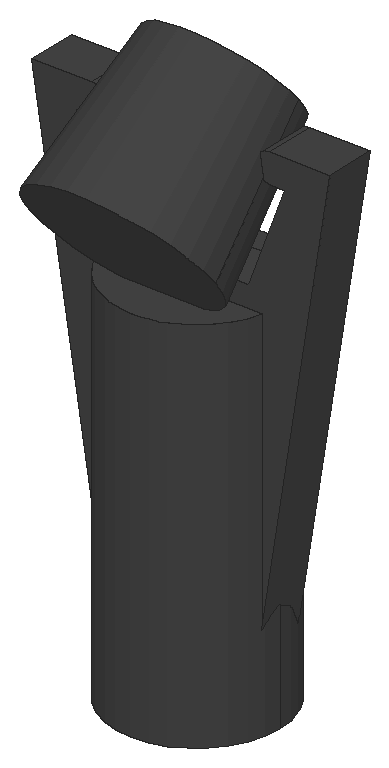
Revit family "KLVL276NB", category Lighting Fixtures, Revit 2014
Parameters (values of type "ELL271BL")
  Width = 5.31"
  Wattage Comments = "default"
  Wattage = 7 W
  Warranty = " For full warranty see http://www.hubbelllighting.\r\ncom/resources/warranty"  # constant formula
  built-in parameter 1150110 = 1 (stored number, unit not read)
  Voltage = 120 V
  URL = "https://www.hubbell.com/kimlighting/en/"
  Type Comments = "landscape path light"  # constant formula
  built-in parameter 1114217 = 1 (stored number, unit not read)
  Tilt Angle = 90.00°
  built-in parameter 1150109 = 1 (stored number, unit not read)
  built-in parameter 1150134 = (empty or 0)
  built-in parameter 1150113 = 1 (stored number, unit not read)
  Series = "Landscape"  # constant formula
  Product Page URL = "https://www.hubbell.com/kimlighting/en/Products/Lighting-Controls/Commercial-Outdoor-Lighting/Landscape/Ravenna-Lowlighter/p/248511"
  Product Documentation Link = "https://hubbellcdn.com/specsheet/kl_ell271_spec.pdf"
  Power Factor = 1
  Photometric Web Link = "https://www.hubbell.com/kimlighting/en/Products/Lighting-Controls/Commercial-Outdoor-Lighting/Landscape/Ravenna-Lowlighter/p/248511#prod-photometry-section"
  Photometric Web File = "klvl276-3l3k.ies"
  Photometric Notes = "More IES files download on Photometric Web Link"  # constant formula
  Number of Poles = 1
  Model = "Ravenna Lowlighter"  # constant formula
  MasterFormat Title = "Landscape Lighting, Site Lighting, Walkway Lighting"  # constant formula
  Manufacturer = "Kim Lighting"  # constant formula
  Lumens = 483 lm
  built-in parameter 1150115 = 1 (stored number, unit not read)
  built-in parameter 1150105 = 38.436 (stored number, unit not read)
  Load Classification = Lighting
  built-in parameter 1150137 = (empty or 0)
  built-in parameter 1150139 = (empty or 0)
  built-in parameter 1150112 = 1 (stored number, unit not read)
  built-in parameter 1150114 = 1 (stored number, unit not read)
  Lamp = "LED"  # constant formula
  built-in parameter 1150132 = (empty or 0)
  built-in parameter 1150102 = (empty or 0)
  built-in parameter 1150138 = (empty or 0)
  built-in parameter 1150107 = 3000 (stored number, unit not read)
  built-in parameter 1150106 = 0.38436 (stored number, unit not read)
  Height = 24.00"
  Glass = Glass-KIM-Temper Molded
  Finish = Powder Coat-Kim-Black
  built-in parameter 1150104 = 6.4103 (stored number, unit not read)
  Dimming Lamp Color Temperature Shift = <None>
  Diameter = 5.00"  # constant formula
  Description = "Ravenna Lowlighter is highly adaptable to landscape accent lighting solutions. Elegance and style in leaf-like design blends into natural surroundings."  # constant formula
  Color Filter = 16777215
  built-in parameter 1114218 = 1 (stored number, unit not read)
  built-in parameter 1150133 = 10 (stored number, unit not read)
  Assembly Code = "D5020200"
  Apparent Load = 0 VA
Types (4): name | Finish
  (no name) | Powder Coat-Kim-Black
  ELL271DB | Powder Coat-Kim-Dark Bronze
  ELL271BL | Powder Coat-Kim-Black
  ELL271GR | Paint - Hubbell - Green Textured
Reference planes (in)
  plane 1 "Light Source Axis (F/B)": y = -5.07639
  plane 2: z = 0
  plane 3 "Light Source Axis (L/R)": x = 0
  plane 4 "Light Source Elevation": z = 27.62598
  plane 5 "Left": x = -2.5
  plane 6 "Right": x = 2.5
  plane 7 "Back": y = 2.5
  plane 8 "Front": y = -12.65278
  plane 9: z = 8.875
  plane 10: z = 42.18504
  plane 11: x = -4.69
  plane 12: x = 4.69
  plane 13: x = -5.75
  plane 14: x = 5.75
Forms (in)
  Extrusion 1, solid, material "Powder Coat-Kim-Black" <- "Finish"
    sketch origin (0, -5.07639, 0) x (1, 0, 0) y (0, 0, 1)
      loop
        line (-1.5, 8.875) -> (-2.5, 8.875) -> (-1.09452, 0) -> (1.09452, 0) -> (2.5, 8.875) -> (1.5, 8.875)
        arc (1.5, 8.875) -> (1.25, 8.625) -> (1.5, 8.375) r 0.25
        line (1.5, 8.375) -> (1.75, 8.375) -> (1.12286, 6.74123) -> (0, 6.74123) -> (-1.12286, 6.74123) -> (-1.75, 8.375) -> (-1.5, 8.375)
        arc (-1.5, 8.375) -> (-1.25, 8.625) -> (-1.5, 8.875) r 0.25
    from -1.02831 to 0.82614
  Extrusion 2, void
    sketch origin (0, -5, 0) x (0, 1, 0) y (0, 0, 1)
      loop
        line (2.5, 9.625) -> (0.43702, 10.15397)
        arc (0.43702, 10.15397) -> (0.39467, 4.52897) -> (0.43702, -1.09603) r 373.60508
        spline (0.43702, -1.09603) -> (0.54236, -0.93511) -> (0.64156, -0.79025) -> (0.73444, -0.66014) -> (0.8208, -0.54349) -> (0.90046, -0.43899) -> (0.97326, -0.34534) -> (1.03899, -0.26124) -> (1.09733, -0.18564) -> (1.14657, -0.11954) -> (1.18427, -0.06513) -> (1.20798, -0.02456) -> (1.21524, 0)
        line (1.21524, 0) -> (2.5, 0) -> (2.5, 9.625)
      loop
        line (-2.5, 9.625) -> (-2.5, 0) -> (-1.21524, 0)
        spline (-1.21524, 0) -> (-1.20793, -0.0248) -> (-1.18423, -0.06565) -> (-1.14688, -0.12031) -> (-1.09861, -0.18652) -> (-1.04213, -0.26204) -> (-0.97901, -0.34592) -> (-0.90893, -0.43933) -> (-0.8314, -0.5436) -> (-0.74593, -0.66006) -> (-0.65203, -0.79006) -> (-0.54922, -0.93494) -> (-0.43702, -1.09603)
        arc (-0.43702, -1.09603) -> (-0.39467, 4.52897) -> (-0.43702, 10.15397) r 373.60508
        line (-0.43702, 10.15397) -> (-2.5, 9.625)
    from -3.11418 to 3.23704
  Blend 3, solid, material "Powder Coat-Kim-Black" <- "Finish"
    base sketch origin (0, 12.33081, 22.8054) x (1, 0, 0) y (0, -0.62932, 0.777146)
      loop
        circle (0, 0) r 1.55
    top sketch origin (0, 12.33081, 22.8054) x (1, 0, 0) y (0, -0.62932, 0.777146)
      loop
        circle (0, 0) r 1.25
    from 24.40355 to 21.66561
  Extrusion 4, solid, material "Powder Coat-Kim-Black" <- "Finish"
    sketch origin (0, 0, 0) x (1, 0, 0) y (0, 1, 0)
      loop
        circle (0, -5.07639) r 1.3912
    from 0 to 6.38035
Cuts and joins
  Extrusion 2 cuts Extrusion 1
  joined: Extrusion 1, Extrusion 4
Dimensions and locks (in)
  equal spacing: plane 7 "Back", plane 1 "Light Source Axis (F/B)", plane 8 "Front"
  plane 7 "Back" to plane 8 "Front" = 15.15278"
  equal spacing: plane 5 "Left", plane 3 "Light Source Axis (L/R)", plane 6 "Right"
  "Diameter": plane 5 "Left" to plane 6 "Right"
  plane 5 "Left" to plane 6 "Right" = 5.00"
  plane 9 to plane 2 = 8.875"
  aligned and locked: plane 3 "Light Source Axis (L/R)" to imposter light
Automatic sketch dimensions
  plane 5 "Left" to Extrusion 1 sketch curve = 0.00"
  Extrusion 1 sketch curve to plane 9 = 0.00"  (x2)
  Extrusion 1 sketch curve to level = 0.00"
  Extrusion 1 sketch curve to plane 3 "Light Source Axis (L/R)" = 0.00"
  plane 6 "Right" to Extrusion 1 sketch curve = 0.00"
  Extrusion 1 sketch curve to plane 5 "Left" = 0.75"
  Extrusion 1 sketch curve to Extrusion 1 sketch curve = 0.25"  (x2)
  Extrusion 1 sketch curve to plane 3 "Light Source Axis (L/R)" = 1.12286"
  Extrusion 1 sketch curve to plane 3 "Light Source Axis (L/R)" = 1.09452"
  plane 3 "Light Source Axis (L/R)" to Extrusion 1 sketch curve = 1.09452"
  Extrusion 1 sketch curve to Extrusion 1 sketch curve = 1.12286"
  Extrusion 1 sketch curve to Extrusion 1 sketch curve = 1.00"
  Extrusion 1 sketch curve to plane 9 = 2.13377"
  Extrusion 1 sketch curve to plane 9 = 0.50"  (x2)
  Extrusion 2 sketch curve to level = 0.00"  (x2)
  Extrusion 2 sketch curve to plane 9 = 4.34603"  (x2)
  Extrusion 2 sketch curve to plane 8 "Front" = 366.34697"
  plane 1 "Light Source Axis (F/B)" to Extrusion 2 sketch curve = 2.42361"
  plane 1 "Light Source Axis (F/B)" to Extrusion 2 sketch curve = 1.13885"
  plane 1 "Light Source Axis (F/B)" to Extrusion 2 sketch curve = 0.36063"  (x2)
  Extrusion 2 sketch curve to plane 1 "Light Source Axis (F/B)" = 0.51341"  (x2)
  Extrusion 2 sketch curve to plane 1 "Light Source Axis (F/B)" = 1.29163"
  plane 9 to Extrusion 2 sketch curve = 0.75"  (x2)
  Extrusion 2 sketch curve to Extrusion 2 sketch curve = 2.06298"
  plane 7 "Back" to Extrusion 2 sketch curve = 366.49975"
  Extrusion 2 sketch curve to level = 1.09603"
  Extrusion 2 sketch curve to Extrusion 2 sketch curve = 0.00"
  Blend 3 sketch curve to plane 3 "Light Source Axis (L/R)" = 0.00"  (x2)
  plane 1 "Light Source Axis (F/B)" to Extrusion 4 sketch curve = 0.00"
  Extrusion 4 sketch curve to plane 3 "Light Source Axis (L/R)" = 0.00"
  radius of Blend 3 sketch curve = 1.55"
  radius of Blend 3 sketch curve = 1.25"
  radius of Extrusion 4 sketch curve = 1.3912"
Nested families (in)
  nested 1: "Notation" at (0, 4.62623, 0), type "Notation"
Connectors (in)
  electrical at (0, -5.07639, 0)
    settings: on cut or joined group of Extrusion 1, Extrusion 2, Extrusion 4, index 1, voltage 120 V, apparent load 7 VA, apparent load phase1 0 VA, apparent load phase2 0 VA, apparent load phase3 0 VA, power factor 1, load classification "Other", number of poles 1, system type 30, power factor state 1, is connector primary yes, connector utility no, sub classification motor no, connector description "Lighting Connector"
Definition of nested family "Notation"
  Parameters (values of type "Notation")
    Notation = "LF"
  Reference planes (in)
    plane 1: y = 0
    plane 2: x = 0
  Text (in)
    label "Notation" at (0.02149, 0.07192, 0), shows "Notation"
